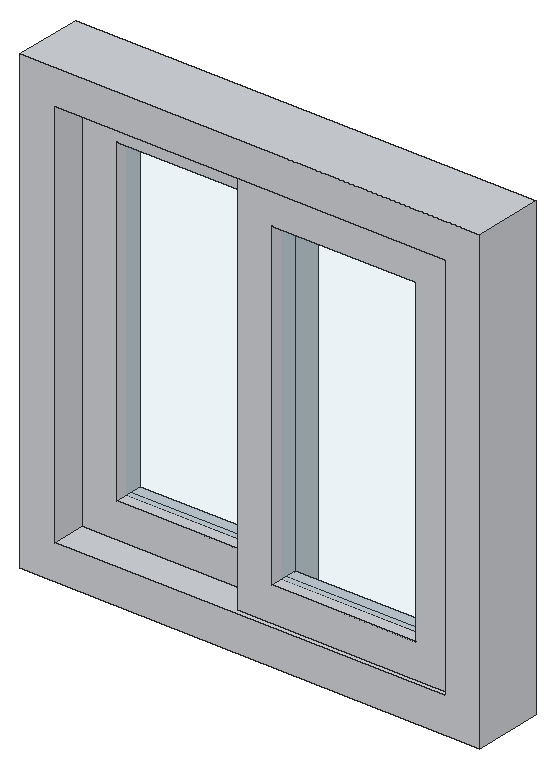
Revit family "W4_W5_W5A_鋁窗", category 窗, Revit 2014
Parameters (values of type "80 x 80 cm")
  熱阻 (R) = 0.271106 (m²·K)/W
  Visual Light Transmittance = 0.9
  Solar Heat Gain Coefficient = 0.78
  營造類型 Id = "GSP4R"
  Height = 800 mm
  傳熱係數 (U) = 3.6886 W/(m²·K)
  預設窗台高度 = 1550 mm
  關鍵註記 = "雙開窗"
  Rough Height = Height  # 800 mm
  Rough Width = Width  # 800 mm
  裝飾外框寬度 = 60 mm
  玻璃材質 = 玻璃
  牆封閉 = 依主體
  裝飾外框材料 = none
  裝飾外框厚度 = 120 mm
  Width = 800 mm
  操作 = "垂直雙重面板"
  內部框架材料 = none
  內框寬度 = 60 mm
  內框厚度 = 50 mm
  解析營造 = "1/8 英吋 Pilkington 單層鑲嵌玻璃"
Types (3, lengths in mm): name | Height | 預設窗台高度 | Rough Height | Rough Width | Width
  80 x 80 cm | 800 | 1550 | 800 | 800 | 800
  120 x 60 cm | 600 | 1100 | 600 | 1200 | 1200
  80 x 95 cm | 950 | 1550 | 950 | 800 | 800
Reference planes
  plane 1: y = -180
  plane 2 "中心 (左/右)": x = 0
  plane 3 "左": x = -400
  plane 4 "右": x = 400
  plane 5 "窗台": z = 1550
  plane 6 "窗頂": z = 2350
  plane 7 "外部": y = -105
  plane 8 "內部": y = -255
  plane 9: x = -30
  plane 10: x = 30
  plane 11: y = -120
  plane 12: y = -240
  plane 13: x = -340
  plane 14: x = 340
  plane 15: z = 2290
  plane 16: z = 1610
Forms (mm)
  Extrusion 1, solid, material <- "裝飾外框材料"
    sketch origin (0, -180, 0) x (1, 0, 0) y (0, 0, 1)
      loop
        line (-400, 2350) -> (-400, 1550) -> (400, 1550) -> (400, 2350) -> (-400, 2350)
      loop
        line (-340, 2290) -> (-340, 1610) -> (340, 1610) -> (340, 2290) -> (-340, 2290)
    from 60 to -60
Lines and regions (mm)
  Opening 1
    outline origin (3442.648, -255, 0) x (1, 0, 0) y (0, 0, 1)
      loop
        line (-3042.648, 1550) -> (-3042.648, 2350) -> (-3842.648, 2350) -> (-3842.648, 1550) -> (-3042.648, 1550)
Text (mm)
  text "外部" at (-1963.203, 1332.353, 0), in view "參考樓層"
  text "內部" at (-1981.466, -818.386, 0), in view "參考樓層"
  text "外部" at (0, 923.751, 2943.296), in view "右"
  text "外部" at (0, 1040.484, 2685.409), in view "左"
Dimensions and locks
  equal spacing: plane 3 "左", plane 2 "中心 (左/右)", plane 4 "右"
  "Width": plane 3 "左" to plane 4 "右"
  "Height": plane 5 "窗台" to plane 6 "窗頂"
  "預設窗台高度": plane 5 "窗台" to level
  locked: plane 7 "外部" to host wall at 0
  locked: plane 8 "內部" to host wall
  equal spacing: plane 9, plane 2 "中心 (左/右)", plane 10
  "內框寬度": plane 9 to plane 10
  equal spacing: plane 11, plane 1, plane 12
  "裝飾外框厚度": plane 11 to plane 12
  "裝飾外框寬度": plane 6 "窗頂" to plane 15
  "裝飾外框寬度": plane 16 to plane 5 "窗台"
  "裝飾外框寬度": plane 3 "左" to plane 13
  "裝飾外框寬度": plane 14 to plane 4 "右"
  aligned and locked: plane 1 to nested 1
  aligned and locked: plane 1 to nested 2
  aligned and locked: nested 1 to plane 10
  aligned and locked: nested 2 to plane 9
  aligned and locked: plane 1 to host wall
  aligned and locked: host wall to Extrusion 1 sketch curve
  aligned and locked: Extrusion 1 sketch curve to host wall  (x3)
  aligned and locked: Opening 1 sketch curve to plane 6 "窗頂"
  aligned and locked: Opening 1 sketch curve to plane 4 "右"
  aligned and locked: Opening 1 sketch curve to plane 5 "窗台"
  aligned and locked: Opening 1 sketch curve to plane 3 "左"
  aligned and locked: Extrusion 1 sketch curve to plane 15
  aligned and locked: plane 13 to Extrusion 1 sketch curve
  aligned and locked: Extrusion 1 sketch curve to plane 14
  aligned and locked: plane 16 to Extrusion 1 sketch curve
  aligned and locked: plane 15 to nested 2
  aligned and locked: plane 16 to nested 2
  aligned and locked: nested 1 to plane 15
  aligned and locked: nested 1 to plane 16
  aligned and locked: nested 1 to plane 13
  aligned and locked: plane 14 to nested 2
  aligned and locked: plane 11 to Extrusion 1
  aligned and locked: Extrusion 1 to plane 12
Nested families
  nested 1: "窗框" at (-422.428, -1099.367, 610), type "窗框"
    with Height 680 mm, Width 370 mm
  nested 2: "窗框" at (-112.428, 739.367, 610), type "窗框"
    with Height 680 mm, Width 370 mm
Definition of nested family "窗框"
  Parameters (values of type "窗框")
    Height [instance] = 500 mm
    護桿寬度 = 20 mm
    護桿厚度 = 10 mm
    Rough Height = 500 mm
    Rough Width = 600 mm
    Width [instance] = 600 mm
    裝飾外框材料 = none
    玻璃材質 = none
    玻璃厚度 = 10 mm
    裝飾外框寬度 = 60 mm
    裝飾外框厚度 = 50 mm
    Assembly Code = ""
  Reference planes
    plane 1 "中心 (前/後)": y = -919.367
    plane 2: z = 0
    plane 3 "中心 (左/右)": x = 267.428
    plane 4 "玻璃-上": y = -939.367
    plane 5 "玻璃-下": y = -949.367
    plane 6: y = -969.367
    plane 7: x = -32.572
    plane 8: x = 567.428
    plane 9: x = 27.428
    plane 10: x = 507.428
    plane 11: z = 1440
    plane 12: z = 1500
    plane 13: z = 1060
    plane 14: z = 1000
    plane 15: y = -944.367
  Forms (mm)
    Extrusion 1, solid, material <- "玻璃材質"
      sketch origin (-1499.274, -944.367, 1200) x (-1, 0, 0) y (0, 0, 1)
        loop
          line (-1526.702, 240) -> (-2006.702, 240) -> (-2006.702, -140) -> (-1526.702, -140) -> (-1526.702, 240)
      from -5 to 5
    Extrusion 2, solid, material <- "裝飾外框材料"
      sketch origin (-1499.274, -944.367, 1200) x (-1, 0, 0) y (0, 0, 1)
        loop
          line (-1466.702, 300) -> (-2066.702, 300) -> (-2066.702, -200) -> (-1466.702, -200) -> (-1466.702, 300)
        loop
          line (-1526.702, 240) -> (-2006.702, 240) -> (-2006.702, -140) -> (-1526.702, -140) -> (-1526.702, 240)
      from -25 to 25
  Dimensions and locks
    equal spacing: plane 10, plane 3 "中心 (左/右)", plane 9
    "裝飾外框寬度": plane 8 to plane 10
    "裝飾外框寬度": plane 9 to plane 7
    "裝飾外框寬度": plane 12 to plane 11
    "Width": plane 8 to plane 7
    "裝飾外框寬度": plane 13 to plane 14
    "Height": plane 12 to plane 14
    plane 14 to level = 1000 mm
    equal spacing: plane 4 "玻璃-上", plane 15, plane 5 "玻璃-下"
    "玻璃厚度": plane 4 "玻璃-上" to plane 5 "玻璃-下"
    equal spacing: plane 6, plane 15, plane 1 "中心 (前/後)"
    "裝飾外框厚度": plane 6 to plane 1 "中心 (前/後)"
    aligned and locked: Extrusion 1 sketch curve to plane 11
    aligned and locked: plane 9 to Extrusion 1 sketch curve
    aligned and locked: Extrusion 1 sketch curve to plane 10
    aligned and locked: plane 13 to Extrusion 1 sketch curve
    aligned and locked: plane 7 to Extrusion 2 sketch curve
    aligned and locked: Extrusion 2 sketch curve to plane 12
    aligned and locked: Extrusion 2 sketch curve to plane 8
    aligned and locked: plane 9 to Extrusion 2 sketch curve
    aligned and locked: plane 13 to Extrusion 2 sketch curve
    aligned and locked: Extrusion 2 sketch curve to plane 10
    aligned and locked: Extrusion 2 sketch curve to plane 11
    aligned and locked: Extrusion 2 sketch curve to plane 14
    aligned and locked: plane 2 to level
    aligned and locked: plane 6 to Extrusion 2
    aligned and locked: plane 1 "中心 (前/後)" to Extrusion 2
    aligned and locked: plane 5 "玻璃-下" to Extrusion 1
    aligned and locked: plane 4 "玻璃-上" to Extrusion 1
